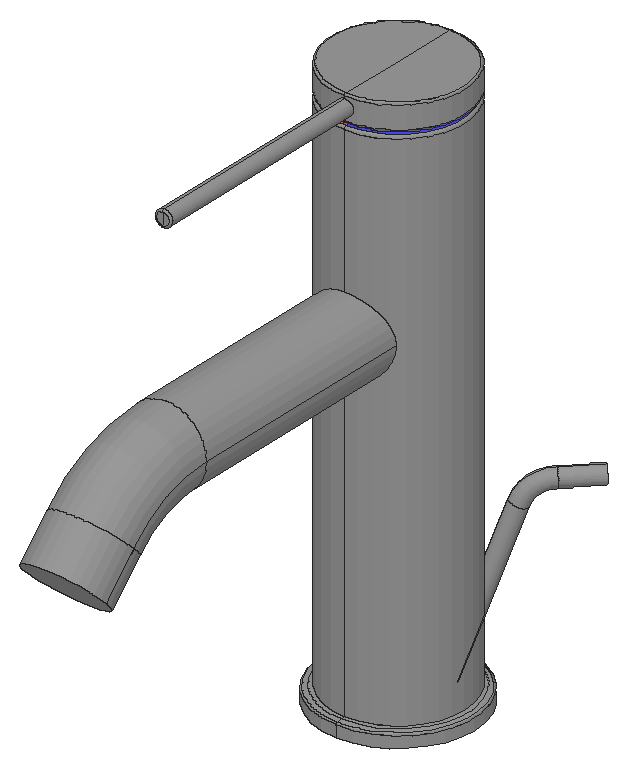
Revit family "Faucet-Lavatory-KOHLER-COMPONENTS-K-77958T_1", category Plumbing Fixtures, host Face, Revit 2017
Family settings
  Host = Face
  Round Connector Dimension = Use Diameter
  Part Type = Normal
  OmniClass Number = 23.31.11.00
  OmniClass Title = Faucets
  Cut with Voids When Loaded = No
  Shared = No
  Room Calculation Point = No
Parameters (values of type "Not a Type-See Type Catalog")
  Width = 1 7/8"  # constant formula
  WaterSense Certified = 1 = 0  # no
  Waste Water Outlet = "Waste Water Outlet"  # constant formula
  Waste Connection = 1 = 0  # no
  Vent Connection = 1 = 0  # no
  URL = "http://www.kohler.com.cn/en/"
  Type = 1
  Spout Reach = 5 1/16"  # constant formula
  Product Page URL = "http://www.kohler.com.cn/product/K-77958T-4A/K-77958T-4A-CP/"
  Product Name = "Components"  # constant formula
  Product Documentation Link = "http://files.kohler.com.cn/pdfs/1535615687333_1285730-2-A(77958T-4A%2077959T-4A%2077960T-4A).pdf"
  Pressure = 0.00 psi
  Model = if(Type = 1, "K-77958T-4A-CP", if(Type = 2, "K-77958T-4A-2BL", if(Type = 3, "K-77958T-4A-BN", if(Type = 4, "K-77958T-4A-RGD", if(Type = 5, "K-77958T-4A-TT", if(Type = 6, "K-77958T-4A-3GC", if(Type = 7, "K-77958T-4A-AF", if(Type = 8, "K-77958T-4AND-CP", if(Type = 9, "K-77958T-4AND-BN", if(Type = 10, "K-77958T-4AND-RGD", if(Type = 11, "K-77958T-4AND-AF", "NA")))))))))))  # "K-77958T-4A-CP"
  Material = "Premium Metal Construction"  # constant formula
  MasterFormat 2004 = "22.41.39"  # constant formula
  MasterFormat 1995 = "15410"  # constant formula
  Manufacturer Address = "158 Jiangchang 3rd Road Zhabei District Shanghai, 200436 China "  # constant formula
  Manufacturer = "KOHLER Co."  # constant formula
  Length = Spout Reach  # 5 1/16"
  Hot Water Inlet = "Hot Water Inlet"  # constant formula
  Hose = or(Type = 1, Type = 2, Type = 3, Type = 4, Type = 5, Type = 6, Type = 7)  # yes
  Height = 7"  # constant formula
  Handle Clearance = 3 9/16"  # constant formula
  HW Connection = 1 = 1  # yes
  Flow Rate = 0 GPM
  Finish = Default
  Environmental Product Declaration = ""
  Drain Included = if(or(Type = 8, Type = 9, Type = 10, Type = 11), 1 = 0, 1 = 1)  # yes
  Description = "Single-Handle Basin Faucet"  # constant formula
  Default Elevation = 36"
  Declare Label = ""
  Date Modified = "05/28/2020"  # constant formula
  Date Created = "05/28/2020"  # constant formula
  Copyright = "Copyright KOHLER Co."  # constant formula
  Contact Us = "http://www.kohler.com.cn/en/contact/contact-us/"
  Cold Water Inlet = "Cold Water Inlet"  # constant formula
  CW Connection = 1 = 1  # yes
  Assembly Code = "D2010"
  ADA Compliant = 1 = 0  # no
Reference planes (in)
  plane 1 "Center (Front/Back)": y = 0
  plane 2: z = 0
  plane 3 "Center (Left/Right)": x = 0
  plane 4: x = -0.9375
  plane 5: x = 0.9375
  plane 6: y = -5.0625
  plane 7: z = 7
  plane 8: y = -3.5625
  plane 9: y = 0.9375
  plane 10: z = 2.3622
  plane 11: y = 1.49069
  plane 12: x = -0.81693
  plane 13: x = 0.81693
  plane 14: z = 6.85076
  plane 15: z = 6.75234
  plane 16: z = 6.94919
  plane 17: x = -0.42047
  plane 18: x = 0.42047
  plane 19: y = 0.81693
  plane 20: y = -0.9375
  plane 21: y = -0.81693
  plane 22: x = 1.49338
  plane 23: z = 3.46369
Dimensions and locks (in)
  equal spacing: plane 4, plane 3 "Center (Left/Right)", plane 5
  "Width": plane 4 to plane 5
  "Length": plane 6 to plane 1 "Center (Front/Back)"
  "Height": plane 7 to plane 2
  locked: plane 16 to plane 15 at 0.19685
  "Spout Reach": plane 1 "Center (Front/Back)" to plane 6
  "Handle Clearance": plane 8 to plane 1 "Center (Front/Back)"
  locked: level to plane 10 at 2.3622
  locked: level to plane 23 at 3.46369
  aligned and locked: plane 2 to host face
  aligned and locked: level to host face
Automatic sketch dimensions
  host sketch curve to host sketch curve = 96"  (x2)
Nested families (in)
  nested 1: "K-77958T" at (0, 0, 0), type "K-77958T"
Connectors (in)
  piping at (-0.42047, 0, 0), diameter 0.5, driven by "HW Connection", driven by "Hot Water Inlet", driven by "Flow Rate"
    settings: on nested 1, index 1, connector inside diameter 24", connector length 0", flow factor 0, pipe flow 0 GPM, pressure drop 0.00 psi, fitting loss kfactor 0, connector angle 0.00°, fixture units 0, engagement length 0", angle of deflection 0.00°, flow configuration 0, flow direction 1, fitting loss method 0, system type 19, joint type 0, gender type 0, connector reference index -1, connector utility 1, adjustable connector no, is connector primary yes, connector description "Hot Water Inlet"
  piping at (0.42047, 0, 0), diameter 0.5, driven by "Pressure", driven by "CW Connection", driven by "Cold Water Inlet", driven by "Flow Rate"
    settings: on nested 1, index 2, connector inside diameter 24", connector length 0", flow factor 0, pipe flow 0 GPM, pressure drop 0.00 psi, fitting loss kfactor 0, connector angle 0.00°, fixture units 0, engagement length 0", angle of deflection 0.00°, flow configuration 0, flow direction 1, fitting loss method 0, system type 20, joint type 0, gender type 0, connector reference index -1, connector utility 1, adjustable connector no, is connector primary no, connector description "Cold Water Inlet"
Definition of nested family "K-77958T"
  Parameters (values of type "K-77958T")
    Material = none
    Hose = yes
  Reference planes (in)
    plane 1 "Center (Front/Back)": y = 0
    plane 2: z = 0
    plane 3 "Center (Left/Right)": x = 0
    plane 4: z = 7
    plane 5: y = -5.0625
    plane 6: x = -0.9375
    plane 7: x = 0.9375
    plane 8: y = 0.9375
    plane 9: y = -3.5625
    plane 10: z = 2.3622
    plane 11: through (0, 0, 48) normal (-0.7071, 0.7071, 0)
    plane 12: z = -4.38316
    plane 13: y = 1.49069
    plane 14: x = 1.49338
    plane 15: z = 6.85076
    plane 16: z = 6.94919
    plane 17: z = 6.75234
    plane 18: x = -0.42047
    plane 19: x = 0.42047
    plane 20: z = 3.46369
  Forms (in)
    Revolve 1, solid, material <- "Material", detail levels medium+fine
      sketch origin (0, 0, 0) x (0, 1, 0) y (0, 0, 1)
        loop
          line (0.9375, 0) -> (0.9375, 0.13853)
          arc (0.9375, 0.13853) -> (0.93256, 0.15279) -> (0.91985, 0.16092) r 0.02303
          line (0.91985, 0.16092) -> (0.86459, 0.17419)
          arc (0.86459, 0.17419) -> (0.8409, 0.17897) -> (0.81693, 0.18202) r 0.3321
          line (0.81693, 0.18202) -> (0.81693, 6.60654)
          arc (0.81693, 6.60654) -> (0.80957, 6.62971) -> (0.7902, 6.6444) r 0.04017
          line (0.7902, 6.6444) -> (0.6758, 6.68504) -> (0.79725, 6.68504)
          arc (0.79725, 6.68504) -> (0.81117, 6.6908) -> (0.81693, 6.70472) r 0.01968
          line (0.81693, 6.70472) -> (0.81693, 6.97853)
          arc (0.81693, 6.97853) -> (0.81064, 6.99371) -> (0.79546, 7) r 0.02147
          line (0.79546, 7) -> (0, 7) -> (0, 0) -> (0.9375, 0)
        axis (0, 0) -> (0, 7)
      angle from 0 to 360
    Sweep 2, solid, material <- "Material"
      path origin (0, 0, 0) x (0, 1, 0) y (0, 0, 1)
        loop
          line (-5.07444, 3.46369) -> (-4.65686, 3.88127)
          arc (-4.65686, 3.88127) -> (-4.14596, 4.22265) -> (-3.54331, 4.34252) r 1.5748
          line (-3.54331, 4.34252) -> (0, 4.34252)
      profile origin (0, -1.77165, 4.34252) x (0, 0, 1) y (1, 0, 0)
        loop
          circle (0, 0) r 0.49213
    Extrusion 3, solid, material <- "Material", detail levels coarse
      sketch origin (0, 0, 0.20312) x (1, 0, 0) y (0, 0, 1)
        loop
          circle (0, 6.64764) r 0.09843
      from 0 to 3.59152
    Revolve 4, solid, material <- "Material", detail levels medium+fine
      sketch origin (0, 0, 0.20312) x (0, 1, 0) y (0, 0, 1)
        loop
          line (-3.59252, 6.64764) -> (0, 6.64764) -> (0, 6.74606) -> (-3.57276, 6.74606)
          arc (-3.57276, 6.74606) -> (-3.58673, 6.74028) -> (-3.59252, 6.72631) r 0.01976
          line (-3.59252, 6.72631) -> (-3.59252, 6.64764)
        axis (-3.59252, 6.64764) -> (0, 6.64764)
      angle from 0 to 360
    Extrusion 5, solid, material <- "Material", detail levels coarse
      sketch origin (0, 0, 0) x (1, 0, 0) y (0, 1, 0)
        loop
          circle (0, 0) r 0.9375
      from 0 to 6.6716
    Extrusion 6, solid, material <- "Material", detail levels coarse
      sketch origin (0, 0, 0) x (1, 0, 0) y (0, 1, 0)
        loop
          circle (0, 0) r 0.9375
      from 6.6716 to 7
    Extrusion 7, solid, material <- "Material", detail levels fine
      sketch origin (0, 0, 0) x (1, 0, 0) y (0, 1, 0)
        loop
          circle (0.42047, 0) r 0.1875
        loop
          circle (-0.42047, 0) r 0.1875
      from 0 to 0.125
    Sweep 8, solid, material <- "Material", visible <- "Hose"
      path origin (0.00537, 0.00683, -0.08738) x (0.707473, 0.70674, 0) y (0, 0, 1)
        loop
          line (1.99199, 2.44402) -> (1.51955, 2.44402)
          arc (1.51955, 2.44402) -> (1.29374, 2.37282) -> (1.1496, 2.18497) r 0.3937
          line (1.1496, 2.18497) -> (0.46555, 0.30559)
      profile origin (1.41465, 1.41465, 2.35664) x (0, 0, -1) y (0.70674, -0.707473, 0)
        loop
          circle (0, 0) r 0.10747
  Cuts and joins
    joined: Revolve 1, Revolve 4
    joined: Extrusion 3, Extrusion 5, Extrusion 6
  Lines and regions (in)
    Masking region 1
      outline origin (0, 0, 0) x (1, 0, 0) y (0, 0, 1)
        loop
          line (-0.9375, 0) -> (0.9375, 0) -> (0.9375, 0.13853)
          arc (0.9375, 0.13853) -> (0.93256, 0.15279) -> (0.91985, 0.16092) r 0.02303
          line (0.91985, 0.16092) -> (0.86459, 0.17419)
          arc (0.86459, 0.17419) -> (0.8409, 0.17897) -> (0.81693, 0.18202) r 0.3321
          line (0.81693, 0.18202) -> (0.81693, 6.60654)
          arc (0.81693, 6.60654) -> (0.80957, 6.62971) -> (0.7902, 6.6444) r 0.04017
          line (0.7902, 6.6444) -> (0.6758, 6.68504) -> (0.79725, 6.68504)
          arc (0.79725, 6.68504) -> (0.81117, 6.6908) -> (0.81693, 6.70472) r 0.01968
          line (0.81693, 6.70472) -> (0.81693, 6.97853)
          arc (0.81693, 6.97853) -> (0.81064, 6.99371) -> (0.79546, 7) r 0.02147
          line (0.79546, 7) -> (-0.79546, 7)
          arc (-0.79546, 7) -> (-0.81064, 6.99371) -> (-0.81693, 6.97853) r 0.02147
          line (-0.81693, 6.97853) -> (-0.81693, 6.70472)
          arc (-0.81693, 6.70472) -> (-0.81117, 6.6908) -> (-0.79725, 6.68504) r 0.01968
          line (-0.79725, 6.68504) -> (-0.6758, 6.68504) -> (-0.7902, 6.6444)
          arc (-0.7902, 6.6444) -> (-0.80957, 6.62971) -> (-0.81693, 6.60654) r 0.04017
          line (-0.81693, 6.60654) -> (-0.81693, 0.18202)
          arc (-0.81693, 0.18202) -> (-0.8409, 0.17897) -> (-0.86459, 0.17419) r 0.3321
          line (-0.86459, 0.17419) -> (-0.91985, 0.16092)
          arc (-0.91985, 0.16092) -> (-0.93256, 0.15279) -> (-0.9375, 0.13853) r 0.02303
          line (-0.9375, 0.13853) -> (-0.9375, 0)
    Masking region 2
      outline origin (0, 0, 0) x (0, 1, 0) y (0, 0, 1)
        loop
          line (0.9375, 0) -> (0.9375, 0.13853)
          arc (0.9375, 0.13853) -> (0.93256, 0.15279) -> (0.91985, 0.16092) r 0.02303
          line (0.91985, 0.16092) -> (0.86459, 0.17419)
          arc (0.86459, 0.17419) -> (0.8409, 0.17897) -> (0.81693, 0.18202) r 0.3321
          line (0.81693, 0.18202) -> (0.81693, 0.99812) -> (0.81693, 6.60654)
          arc (0.81693, 6.60654) -> (0.80957, 6.62971) -> (0.7902, 6.6444) r 0.04017
          line (0.7902, 6.6444) -> (0.6758, 6.68504) -> (0.79725, 6.68504)
          arc (0.79725, 6.68504) -> (0.81117, 6.6908) -> (0.81693, 6.70472) r 0.01968
          line (0.81693, 6.70472) -> (0.81693, 6.97853)
          arc (0.81693, 6.97853) -> (0.81064, 6.99371) -> (0.79546, 7) r 0.02147
          line (0.79546, 7) -> (-0.79546, 7)
          arc (-0.79546, 7) -> (-0.81064, 6.99371) -> (-0.81693, 6.97853) r 0.02147
          line (-0.81693, 6.97853) -> (-0.81693, 6.94781) -> (-3.54228, 6.94781)
          arc (-3.54228, 6.94781) -> (-3.55658, 6.94189) -> (-3.5625, 6.92759) r 0.02022
          line (-3.5625, 6.92759) -> (-3.5625, 6.77256)
          arc (-3.5625, 6.77256) -> (-3.55658, 6.75826) -> (-3.54228, 6.75234) r 0.02022
          line (-3.54228, 6.75234) -> (-0.81693, 6.75234) -> (-0.81693, 6.70472)
          arc (-0.81693, 6.70472) -> (-0.81117, 6.6908) -> (-0.79725, 6.68504) r 0.01968
          line (-0.79725, 6.68504) -> (-0.6758, 6.68504) -> (-0.7902, 6.6444)
          arc (-0.7902, 6.6444) -> (-0.80957, 6.62971) -> (-0.81693, 6.60654) r 0.04017
          line (-0.81693, 6.60654) -> (-0.81693, 4.83465) -> (-3.54331, 4.83465)
          arc (-3.54331, 4.83465) -> (-4.33429, 4.67731) -> (-5.00485, 4.22926) r 2.06693
          line (-5.00485, 4.22926) -> (-5.42243, 3.81167) -> (-4.72646, 3.1157) -> (-4.30888, 3.53329)
          arc (-4.30888, 3.53329) -> (-3.95763, 3.76798) -> (-3.54331, 3.85039) r 1.08268
          line (-3.54331, 3.85039) -> (-0.81693, 3.85039) -> (-0.81693, 0.18202)
          arc (-0.81693, 0.18202) -> (-0.8409, 0.17897) -> (-0.86459, 0.17419) r 0.3321
          line (-0.86459, 0.17419) -> (-0.91985, 0.16092)
          arc (-0.91985, 0.16092) -> (-0.93256, 0.15279) -> (-0.9375, 0.13853) r 0.02303
          line (-0.9375, 0.13853) -> (-0.9375, 0) -> (0.9375, 0)
    Masking region 3
      outline origin (0, 0, 0) x (1, 0, 0) y (0, 1, 0)
        loop
          arc (0.49213, -0.79795) -> (0, 0.9375) -> (-0.49213, -0.79795) r 0.9375
          line (-0.49213, -0.79795) -> (-0.49213, -5.07444)
          spline (-0.49213, -5.07444) -> (-0.47536, -5.16451) -> (-0.42619, -5.24844) -> (-0.34799, -5.32051) -> (-0.24606, -5.37581) -> (-0.12737, -5.41057) -> (0, -5.42243) -> (0.12737, -5.41057) -> (0.24606, -5.37581) -> (0.34799, -5.32051) -> (0.42619, -5.24844) -> (0.47536, -5.16451) -> (0.49213, -5.07444)
          line (0.49213, -5.07444) -> (0.49213, -0.79795)
    Masking region 4, visible <- "Hose"
      outline origin (0, 0, 0) x (0, 1, 0) y (0, 0, 1)
        loop
          spline (1.41471, 2.24916) -> (1.43439, 2.25283) -> (1.45273, 2.26356) -> (1.46847, 2.28064) -> (1.48056, 2.3029) -> (1.48815, 2.32882) -> (1.49074, 2.35664) -> (1.48815, 2.38445) -> (1.48056, 2.41037) -> (1.46847, 2.43263) -> (1.45273, 2.44971) -> (1.43439, 2.46045) -> (1.41471, 2.46411)
          line (1.41471, 2.46411) -> (1.11215, 2.46411)
          arc (1.11215, 2.46411) -> (0.95228, 2.43219) -> (0.81693, 2.34131) r 0.41627
          line (0.81693, 2.34131) -> (0.81693, 1.66471) -> (0.92437, 2.09051)
          arc (0.92437, 2.09051) -> (0.99895, 2.20482) -> (1.12803, 2.24916) r 0.21004
          line (1.12803, 2.24916) -> (1.41471, 2.24916)
    Masking region 5, visible <- "Hose"
      outline origin (0, 0, 0) x (1, 0, 0) y (0, 1, 0)
        loop
          line (0.73454, 0.58255) -> (1.49061, 1.33862) -> (1.3387, 1.49069) -> (0.58255, 0.73454)
          arc (0.58255, 0.73454) -> (0.66291, 0.66291) -> (0.73454, 0.58255) r 0.9375
    Masking region 6, visible <- "Hose"
      outline origin (0, 0, 0) x (1, 0, 0) y (0, 0, 1)
        loop
          line (1.41465, 2.46411) -> (1.06164, 2.46411)
          arc (1.06164, 2.46411) -> (0.91518, 2.42026) -> (0.81693, 2.30314) r 0.26649
          line (0.81693, 2.30314) -> (0.81693, 1.66041) -> (0.93405, 2.11456)
          arc (0.93405, 2.11456) -> (0.99788, 2.21157) -> (1.10777, 2.24916) r 0.1794
          line (1.10777, 2.24916) -> (1.41465, 2.24916)
          spline (1.41465, 2.24916) -> (1.43431, 2.25283) -> (1.45263, 2.26356) -> (1.46836, 2.28064) -> (1.48043, 2.3029) -> (1.48802, 2.32882) -> (1.49061, 2.35664) -> (1.48802, 2.38445) -> (1.48043, 2.41037) -> (1.46836, 2.43263) -> (1.45263, 2.44971) -> (1.43431, 2.46045) -> (1.41465, 2.46411)
    symbolic lines, detail levels medium+fine
      curve 1: line (-0.7902, 0, 6.6444) -> (0.7902, 0, 6.6444)
      curve 2: line (-0.6758, 0, 6.68504) -> (0.6758, 0, 6.68504)
      curve 3: line (-0.81693, 0, 0.18202) -> (0.81693, 0, 0.18202)
      curve 4: spline (0.49213, 0, 3.46369) -> (0.47536, 0, 3.55375) -> (0.42619, 0, 3.63768) -> (0.34799, 0, 3.70975) -> (0.24606, 0, 3.76505) -> (0.12737, 0, 3.79982) -> (0, 0, 3.81167) -> (-0.12737, 0, 3.79982) -> (-0.24606, 0, 3.76505) -> (-0.34799, 0, 3.70975) -> (-0.42619, 0, 3.63768) -> (-0.47536, 0, 3.55375) -> (-0.49213, 0, 3.46369) -> (-0.47536, 0, 3.37362) -> (-0.42619, 0, 3.28969) -> (-0.34799, 0, 3.21762) -> (-0.24606, 0, 3.16232) -> (-0.12737, 0, 3.12756) -> (0, 0, 3.1157) -> (0.12737, 0, 3.12756) -> (0.24606, 0, 3.16232) -> (0.34799, 0, 3.21762) -> (0.42619, 0, 3.28969) -> (0.47536, 0, 3.37362) -> (0.49213, 0, 3.46369)
      curve 5: arc (0.49213, 0, 4.34252) -> (0, 0, 4.83465) -> (-0.49213, 0, 4.34252) r 0.49213
      curve 6: line (-0.49213, 0, 3.46369) -> (-0.49213, 0, 4.34252)
      curve 7: line (0.49213, 0, 3.46369) -> (0.49213, 0, 4.34252)
      curve 8: circle (0, 0, 6.85076) r 0.09843 normal (0, -1, 0)
      curve 9: line (0, -0.81693, 6.94919) -> (0, -0.81693, 6.75234)
      curve 10: line (0, 0.79725, 6.68504) -> (0, -0.79725, 6.68504)
      curve 11: line (0, 0.7902, 6.6444) -> (0, -0.7902, 6.6444)
      curve 12: line (0, 0.81693, 0.18202) -> (0, -0.81693, 0.18202)
      curve 13: arc (0, -0.81693, 4.83465) -> (0, -0.74828, 4.34252) -> (0, -0.81693, 3.85039) r 1.79829
      curve 14: line (-0.09844, -0.81098, 0) -> (-0.09844, -3.55469, 0)
      curve 15: line (0.09842, -0.81098, 0) -> (0.09842, -3.55358, 0)
      curve 16: circle (0, 0, 0) r 0.81693 normal (0, 0, 1)
      curve 17: line (0.0895, -3.5625, 0) -> (-0.09063, -3.5625, 0)
      curve 18: arc (0.09842, -3.55358, 0) -> (0.09581, -3.55989, 0) -> (0.0895, -3.5625, 0) r 0.00892
      curve 19: arc (-0.09844, -3.55469, 0) -> (-0.09615, -3.56021, 0) -> (-0.09063, -3.5625, 0) r 0.00781
      curve 20: line (-0.49213, -0.79795, 0) -> (-0.49213, -0.65206, 0)
      curve 21: line (0.49213, -0.79795, 0) -> (0.49213, -0.65206, 0)
      curve 22: line (-0.91985, 0, 0.16092) -> (0.91985, 0, 0.16092)
      curve 23: line (0, 0.91985, 0.16092) -> (0, -0.91985, 0.16092)
  Dimensions and locks (in)
    plane 5 to plane 1 "Center (Front/Back)" = 5 1/16"
    level to plane 4 = 7"
    plane 1 "Center (Front/Back)" to plane 9 = 3 9/16"
    plane 10 to level = 2.3622"
    aligned and locked: plane 2 to level
